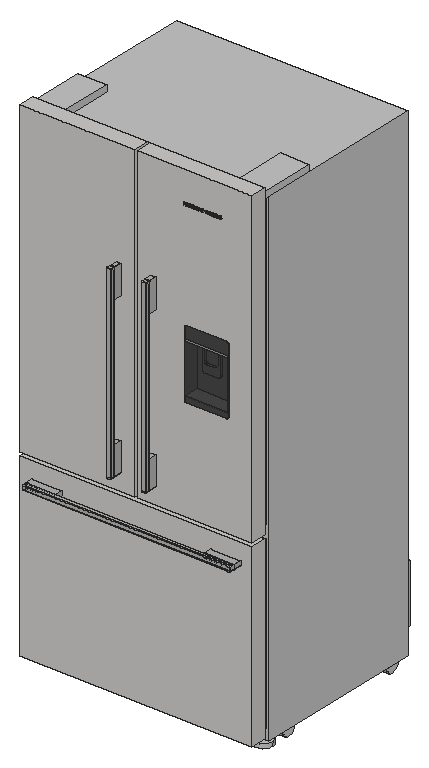
Revit family "FP-Revit18-RF522ADUSX5-Fridges", category Specialty Equipment, Revit 2018
Family settings
  Round Connector Dimension = Use Diameter
  Part Type = Normal
  OmniClass Number = 23.40.40.11.11.17
  OmniClass Title = Refrigerator-Freezer
  Work Plane-Based = No
  Always vertical = Yes
  Cut with Voids When Loaded = Yes
  Shared = No
  Room Calculation Point = No
Parameters (values of type "RF522ADUSX5")
  Visibility - Contemporary square handle = yes
  Visibility - Contemporary round handle = no
  Visibility - Clearance Required = yes
  URL = "www.fisherpaykel.com"
  Product - Width = 790 mm  # constant formula
  Product - Height = 1720 mm  # constant formula
  Product - Depth = 695 mm  # constant formula
  Model = "RF522ADUSX5"
  Material - Logo = Fisher & Paykel - Steel, Chrome Plated
  Material - Handle = Fisher & Paykel - Aluminium
  Material - Door Structure = Fisher & Paykel - White
  Material - Door Front = Fisher & Paykel - Stainless Steel
  Material - Body = Fisher & Paykel - Grey
  Manufacturer = "Fisher & Paykel Appliances"
  Description = "79cm Freestanding French Door Refrigerator Freezer, Ice and Water"
  Connector Description - Water = "Ø6mm (1/4”) quick connect, Max Supply Pressure 120psi (827kPa)"
  Connector Description - Electrical = "230 V, 50 Hz"
  Chassis - Width = 790 mm  # constant formula
  Chassis - Height = 1662 mm  # constant formula
  Chassis - Depth = 625 mm  # constant formula
  Cavity - Width = 830 mm  # constant formula
  Cavity - Height = 1735 mm  # constant formula
  Cavity - Depth = 695 mm  # constant formula
Reference planes
  plane 1 "Datum": y = 0
  plane 2: z = 0
  plane 3 "Center (Left/Right)": x = 0
  plane 4 "Product LHS": x = -395
  plane 5 "Product RHS": x = 395
  plane 6 "Product - Depth": y = 625
  plane 7 "Cavity LHS": x = -415
  plane 8 "Cavity RHS": x = 415
  plane 9 "Cavity - Depth": y = 625
  plane 10 "Cavity Height": z = 1735
  plane 11 "Product - Height": z = 1720
  plane 12 "Door Front": y = -70
Forms (mm)
  Extrusion 1, solid, material "Fisher & Paykel - Grey" <- "Material - Body"
    sketch origin (0, -1.89, -0.809) x (0, 1, 0) y (0, 0, 1)
      loop
        line (1.89, 24.809) -> (596.89, 24.809) -> (596.89, 1686.809) -> (1.89, 1686.809) -> (1.89, 24.809)
    from -395 to 395
  Extrusion 2, void
    sketch origin (-955, 0, 0) x (1, 0, 0) y (0, 0, 1)
      loop
        arc (1127.459, 1245.1) -> (1121.803, 1242.757) -> (1119.459, 1237.1) r 8
        line (1119.459, 1237.1) -> (1119.459, 1017.5)
        arc (1119.459, 1017.5) -> (1121.803, 1011.843) -> (1127.459, 1009.5) r 8
        line (1127.459, 1009.5) -> (1261.959, 1009.5)
        arc (1261.959, 1009.5) -> (1267.616, 1011.843) -> (1269.959, 1017.5) r 8
        line (1269.959, 1017.5) -> (1269.959, 1237.1)
        arc (1269.959, 1237.1) -> (1267.616, 1242.757) -> (1261.959, 1245.1) r 8
        line (1261.959, 1245.1) -> (1127.459, 1245.1)
    from 15 to 70.043
  Extrusion 3, solid, material "Fisher & Paykel - Clearance Required", visible <- "Visibility - Clearance Required", detail levels coarse
    sketch origin (0, 0, 0) x (0, 1, 0) y (0, 0, 1)
      loop
        line (-70, 647) -> (-446.043, 647) -> (-446.043, 592) -> (-487, 592) -> (-487, 576) -> (-446.043, 576) -> (-446.043, 37) -> (-70, 37) -> (-70, 647)
    from -415 to 415
  Extrusion 4, solid, material "Fisher & Paykel - White" <- "Material - Door Structure"
    sketch origin (0, 0, 0) x (1, 0, 0) y (0, 0, 1)
      loop
        line (-387, 639) -> (-387, 59) -> (387, 59) -> (387, 639) -> (-387, 639)
      loop
        line (-12, 682) -> (-12, 1680) -> (-387, 1680) -> (-387, 682) -> (-12, 682)
      loop
        line (12, 682) -> (387, 682) -> (387, 1680) -> (12, 1680) -> (12, 682)
    from 0 to 15
  Extrusion 5, solid, material "Fisher & Paykel - Stainless Steel" <- "Material - Door Front"
    sketch origin (0, 0, 0) x (1, 0, 0) y (0, 0, 1)
      loop
        line (-395, 660) -> (-4, 660) -> (-4, 1720) -> (-395, 1720) -> (-395, 660)
      loop
        line (4, 1720) -> (4, 660) -> (395, 660) -> (395, 1720) -> (4, 1720)
    from 15 to 70
  Extrusion 6, solid, material "Fisher & Paykel - Clearance Required", visible <- "Visibility - Clearance Required", detail levels coarse
    sketch origin (0, 0, 0) x (1, 0, 0) y (0, 1, 0)
      loop
        line (-415, 625) -> (-415, 0) -> (-529.999, 0) -> (-529.999, -70) -> (529.999, -70) -> (529.999, 0) -> (415, 0) -> (415, 625) -> (-415, 625)
    from 0 to 1735
  Extrusion 7, solid, material "Fisher & Paykel - Grey" <- "Material - Body", detail levels medium+fine
    sketch origin (0, 0, 0) x (1, 0, 0) y (0, 1, 0)
      loop
        line (-296.4, 174) -> (-393.4, 174) -> (-393.4, -15) -> (-296.4, -15) -> (-296.4, 174)
      loop
        line (296.4, 174) -> (296.4, -15) -> (393.4, -15) -> (393.4, 174) -> (296.4, 174)
    from 1686 to 1708
  Extrusion 8, solid, material "Fisher & Paykel - Grey" <- "Material - Body", detail levels medium+fine
    sketch origin (0, 0, 0) x (1, 0, 0) y (0, 1, 0)
      loop
        circle (364.5, 18.6) r 30
      loop
        circle (-364.5, 18.6) r 30
    from 0 to 14
  Extrusion 9, solid, material "Fisher & Paykel - Grey" <- "Material - Body", detail levels medium+fine
    sketch origin (0, 0, 0) x (1, 0, 0) y (0, 1, 0)
      loop
        circle (364.5, 18.6) r 4.9
      loop
        circle (-364.5, 18.6) r 4.9
    from 14 to 24
  Extrusion 10, solid, material "Fisher & Paykel - Grey" <- "Material - Body", detail levels medium+fine
    sketch origin (0, 0, 0) x (0, 1, 0) y (0, 0, 1)
      loop
        arc (63.5, 24) -> (87.5, 0) -> (111.5, 24) r 24
        line (111.5, 24) -> (63.5, 24)
      loop
        arc (505, 24) -> (529, 0) -> (553, 24) r 24
        line (553, 24) -> (505, 24)
    from -393.35 to -376.65
  Extrusion 11, solid, material "Fisher & Paykel - Grey" <- "Material - Body", detail levels medium+fine
    sketch origin (0, 0, 0) x (0, 1, 0) y (0, 0, -1)
      loop
        line (63.5, -24) -> (111.5, -24)
        arc (111.5, -24) -> (87.5, 0) -> (63.5, -24) r 24
      loop
        line (505, -24) -> (553, -24)
        arc (553, -24) -> (529, 0) -> (505, -24) r 24
    from -393.35 to -376.65
  Extrusion 12, solid, material "Fisher & Paykel - Grey" <- "Material - Body"
    sketch origin (0, 0, 0) x (0, 1, 0) y (0, 0, 1)
      loop
        line (595, 24) -> (625, 24) -> (625, 294) -> (595, 324) -> (595, 24)
    from -375 to 375
  Extrusion 13, void
    sketch origin (0, 0, 0) x (1, 0, 0) y (0, 0, 1)
      loop
        line (280, 94) -> (280, 24) -> (375, 24) -> (375, 94) -> (280, 94)
      loop
        circle (355, 69) r 5
      loop
        circle (295, 69) r 5
    from -625 to -595
  Extrusion 14, solid, material "Fisher & Paykel - Stainless Steel" <- "Material - Door Front"
    sketch origin (0, 0, 0) x (0, 1, 0) y (0, 0, 1)
      loop
        line (-15, 647) -> (-70, 647) -> (-70, 37) -> (-15, 37) -> (-15, 647)
    from -395 to 395
  Extrusion 15, solid, material "Fisher & Paykel - Clearance Required", visible <- "Visibility - Clearance Required", detail levels coarse
    sketch origin (0, 0, 0) x (1, 0, 0) y (0, 1, 0)
      loop
        line (-447.872, -70) -> (-636.214, -239.584) -> (-663.648, -209.115) -> (-675.522, -219.806) -> (-648.088, -250.275) -> (-687.146, -285.443)
        arc (-687.146, -285.443) -> (-276.673, -400.858) -> (-7.709, -70) r 388.337
        line (-7.709, -70) -> (-447.872, -70)
      loop
        line (447.872, -70) -> (7.709, -70)
        arc (7.709, -70) -> (276.673, -400.858) -> (687.146, -285.443) r 388.337
        line (687.146, -285.443) -> (648.088, -250.275) -> (675.522, -219.806) -> (663.648, -209.115) -> (636.214, -239.584) -> (447.872, -70)
    from 660 to 1735
  Extrusion 16, void
    sketch origin (0, 0, 0) x (1, 0, 0) y (0, 1, 0)
      loop
        line (-415, 625) -> (-415, 0) -> (-529.999, 0) -> (-529.999, -70) -> (529.999, -70) -> (529.999, 0) -> (415, 0) -> (415, 625) -> (-415, 625)
    from 0 to 1735
  Extrusion 17, solid, material "Fisher & Paykel - Steel, Chrome Plated" <- "Material - Logo", detail levels fine
    sketch origin (227, -70, 1612.221) x (1, 0, 0) y (0, 0, 1)
      loop
        line (-64.995, 0) -> (-62.949, 0) -> (-62.949, 2.779) -> (-59.752, 2.779) -> (-59.752, 4.514) -> (-62.949, 4.514) -> (-62.949, 6.125) -> (-59.47, 6.125) -> (-59.47, 7.852) -> (-64.995, 7.852) -> (-64.995, 0)
      loop
        line (-55.583, 7.852) -> (-55.583, 0) -> (-53.537, 0) -> (-53.537, 7.852) -> (-55.583, 7.852)
      loop
        line (-39.879, 7.852) -> (-39.879, 0) -> (-37.834, 0) -> (-37.834, 3.146) -> (-34.828, 3.146) -> (-34.828, 0) -> (-32.782, 0) -> (-32.782, 7.852) -> (-34.828, 7.852) -> (-34.828, 4.872) -> (-37.834, 4.872) -> (-37.834, 7.852) -> (-39.879, 7.852)
      loop
        line (-28.416, 7.852) -> (-28.416, 0) -> (-22.821, 0) -> (-22.821, 1.727) -> (-26.388, 1.727) -> (-26.388, 3.146) -> (-23.128, 3.146) -> (-23.128, 4.872) -> (-26.388, 4.872) -> (-26.388, 6.125) -> (-22.821, 6.125) -> (-22.821, 7.852) -> (-28.416, 7.852)
      loop
        line (59.429, 7.852) -> (59.429, 0) -> (65.005, 0) -> (65.005, 1.727) -> (61.476, 1.727) -> (61.476, 7.852) -> (59.429, 7.852)
      loop
        line (55.223, 7.852) -> (49.609, 7.852) -> (49.609, 0) -> (55.223, 0) -> (55.223, 1.727) -> (51.655, 1.727) -> (51.655, 3.146) -> (54.916, 3.146) -> (54.916, 4.872) -> (51.655, 4.872) -> (51.655, 6.125) -> (55.223, 6.125) -> (55.223, 7.852)
      loop
        line (43.548, 4.092) -> (46.45, 7.852) -> (44.059, 7.852) -> (41.552, 4.604) -> (41.552, 7.852) -> (39.507, 7.852) -> (39.507, 0) -> (41.552, 0) -> (41.552, 3.517) -> (44.136, 0) -> (46.554, 0) -> (43.548, 4.092)
      loop
        line (28.637, 7.852) -> (31.604, 3.146) -> (31.604, 0) -> (33.65, 0) -> (33.65, 3.043) -> (36.617, 7.852) -> (34.443, 7.852) -> (32.692, 4.819) -> (30.941, 7.852) -> (28.637, 7.852)
      loop
        line (24.085, 7.852) -> (22.141, 7.852) -> (18.943, 0) -> (20.952, 0) -> (21.514, 1.445) -> (24.66, 1.445) -> (25.223, 0) -> (27.282, 0) -> (24.085, 7.852)
      loop
        line (23.982, 3.171) -> (23.064, 5.426) -> (22.186, 3.171) -> (23.982, 3.171)
      loop
        line (10.503, 7.852) -> (10.503, 0) -> (12.55, 0) -> (12.55, 2.519) -> (13.842, 2.519)
        arc (13.842, 2.519) -> (16.508, 5.186) -> (13.842, 7.852) r 2.666
        line (13.842, 7.852) -> (10.503, 7.852)
      loop
        line (12.55, 6.125) -> (12.55, 4.156) -> (13.714, 4.156)
        arc (13.714, 4.156) -> (14.699, 5.141) -> (13.714, 6.125) r 0.985
        line (13.714, 6.125) -> (12.55, 6.125)
      loop
        line (-15.255, 7.852) -> (-18.614, 7.852) -> (-18.614, 0) -> (-16.568, 0) -> (-16.568, 2.052) -> (-15.768, 2.052) -> (-14.202, 0) -> (-11.836, 0) -> (-13.84, 2.565)
        arc (-13.84, 2.565) -> (-12.519, 5.752) -> (-15.255, 7.852) r 2.833
      loop
        line (-15.404, 6.125) -> (-16.568, 6.125) -> (-16.568, 3.969) -> (-15.404, 3.969)
        arc (-15.404, 3.969) -> (-14.326, 5.047) -> (-15.404, 6.125) r 1.078
      loop
        line (0.683, 6.125) -> (0.683, 7.999) -> (-4.586, 7.999) -> (-4.586, 6.306) -> (-3.804, 5.345)
        arc (-3.804, 5.345) -> (-4.501, 0.889) -> (0.004, 0.665) r 3.034
        line (0.004, 0.665) -> (0.546, 0) -> (2.867, 0) -> (1.181, 2.072) -> (2.704, 4.268) -> (0.602, 4.268) -> (0.046, 3.467) -> (-2.117, 6.125) -> (0.683, 6.125)
      loop
        arc (-2.7, 3.989) -> (-2.887, 2.168) -> (-1.066, 1.981) r 1.294
        line (-1.066, 1.981) -> (-2.7, 3.989)
      loop
        line (-45.672, 4.724) -> (-47.408, 5.084)
        arc (-47.408, 5.084) -> (-48.101, 5.776) -> (-47.408, 6.469) r 0.693
        arc (-47.408, 6.469) -> (-45.742, 6.227) -> (-44.214, 5.522) r 5.856
        line (-44.214, 5.522) -> (-44.214, 7.466)
        arc (-44.214, 7.466) -> (-46.152, 8.033) -> (-48.168, 7.942) r 6.144
        arc (-48.168, 7.942) -> (-50.034, 5.635) -> (-48.168, 3.329) r 2.358
        line (-48.168, 3.329) -> (-46.418, 2.967)
        arc (-46.418, 2.967) -> (-45.725, 2.274) -> (-46.418, 1.581) r 0.693
        arc (-46.418, 1.581) -> (-48.083, 1.823) -> (-49.611, 2.528) r 5.856
        line (-49.611, 2.528) -> (-49.611, 0.584)
        arc (-49.611, 0.584) -> (-47.674, 0.017) -> (-45.658, 0.108) r 6.144
        arc (-45.658, 0.108) -> (-43.791, 2.422) -> (-45.672, 4.724) r 2.358
    from 0 to 0.8
Cuts and joins
  Extrusion 2 cuts Extrusion 5
  Extrusion 13 cuts Extrusion 1
  Extrusion 13 cuts Extrusion 12
Text (mm)
  text "Due to ongoing product development, product details are subject to change without notice. \nPlease always refer to www.fisherpaykel.com for the most current product information. \n© Fisher & Paykel 2020" at (41.04, -527.568, 0), in view "Ref. Level (Plan)"
Dimensions and locks
  equal spacing: plane 4 "Product LHS", plane 3 "Center (Left/Right)", plane 5 "Product RHS"
  "Product - Width": plane 4 "Product LHS" to plane 5 "Product RHS"
  equal spacing: plane 7 "Cavity LHS", plane 3 "Center (Left/Right)", plane 8 "Cavity RHS"
  "Cavity - Width": plane 7 "Cavity LHS" to plane 8 "Cavity RHS"
  "Cavity - Height": plane 10 "Cavity Height" to level
  Extrusion 2 sketch curve to plane 3 "Center (Left/Right)" = 314.959 mm
  Extrusion 2 sketch curve to Extrusion 2 sketch curve = 235.6 mm
  Extrusion 2 sketch curve to level = 1009.5 mm
  Extrusion 2 sketch curve to Extrusion 2 sketch curve = 150.5 mm
  "Product - Height": level to plane 11 "Product - Height"
  plane 7 "Cavity LHS" to plane 4 "Product LHS" = 20 mm  (x2)
  plane 5 "Product RHS" to plane 8 "Cavity RHS" = 20 mm
  Extrusion 6 to plane 4 "Product LHS" = 134.999 mm
  plane 5 "Product RHS" to Extrusion 6 = 134.999 mm
  "Cavity - Depth": plane 12 "Door Front" to plane 9 "Cavity - Depth"
  plane 12 "Door Front" to plane 1 "Datum" = 70 mm
  "Chassis - Depth": plane 6 "Product - Depth" to plane 1 "Datum"
  "Product - Depth": plane 6 "Product - Depth" to plane 12 "Door Front"
  "Chassis - Height": cut or joined group of Extrusion 1, Extrusion 13 to cut or joined group of Extrusion 1, Extrusion 13
  locked: plane 9 "Cavity - Depth" to cut or joined group of Extrusion 1, Extrusion 13 at 30
  Extrusion 3 to plane 12 "Door Front" = 376.043 mm
  aligned and locked: level to plane 2
  aligned and locked: plane 4 "Product LHS" to Extrusion 1
  aligned and locked: Extrusion 1 to plane 5 "Product RHS"
  aligned and locked: Extrusion 8 to level
  aligned and locked: Extrusion 13 to Extrusion 12
  aligned and locked: plane 9 "Cavity - Depth" to Extrusion 6
  aligned and locked: plane 6 "Product - Depth" to Extrusion 13
  aligned and locked: plane 12 "Door Front" to Extrusion 6 sketch curve
  aligned and locked: Extrusion 6 sketch curve to plane 1 "Datum"
  aligned and locked: plane 12 "Door Front" to Extrusion 14 sketch curve
  aligned and locked: Extrusion 14 to plane 5 "Product RHS"
  aligned and locked: plane 4 "Product LHS" to Extrusion 14
  aligned and locked: Extrusion 15 to cut or joined group of Extrusion 2, Extrusion 5
  aligned and locked: Extrusion 6 to Extrusion 15
  aligned and locked: Extrusion 5 sketch curve to Extrusion 5 sketch curve
  aligned and locked: Extrusion 6 to plane 10 "Cavity Height"
  aligned and locked: plane 7 "Cavity LHS" to Extrusion 3
  aligned and locked: Extrusion 3 to plane 8 "Cavity RHS"
  aligned and locked: Extrusion 16 to plane 10 "Cavity Height"
  aligned and locked: Extrusion 16 to cut or joined group of Extrusion 2, Extrusion 5
  aligned and locked: Extrusion 3 to Extrusion 16
  aligned and locked: Extrusion 14 to Extrusion 3
Automatic sketch dimensions
  Extrusion 1 sketch curve to plane 1 "Datum" = 0 mm
  Extrusion 1 sketch curve to plane 6 "Product - Depth" = 30 mm
  level to Extrusion 1 sketch curve = 24 mm
  plane 11 "Product - Height" to Extrusion 1 sketch curve = 34 mm
  Extrusion 2 sketch curve to Extrusion 2 sketch curve = 8 mm  (x4)
  plane 12 "Door Front" to Extrusion 3 sketch curve = 417 mm
  Extrusion 3 sketch curve to Extrusion 3 sketch curve = 40.957 mm
  Extrusion 3 sketch curve to Extrusion 3 sketch curve = 0 mm
  plane 12 "Door Front" to Extrusion 3 sketch curve = 0 mm
  level to Extrusion 3 sketch curve = 37 mm
  Extrusion 3 sketch curve to Extrusion 3 sketch curve = 539 mm
  Extrusion 3 sketch curve to Extrusion 3 sketch curve = 16 mm
  Extrusion 3 sketch curve to Extrusion 3 sketch curve = 55 mm
  Extrusion 4 sketch curve to plane 4 "Product LHS" = 8 mm  (x2)
  Extrusion 4 sketch curve to plane 3 "Center (Left/Right)" = 12 mm
  plane 3 "Center (Left/Right)" to Extrusion 4 sketch curve = 12 mm
  plane 5 "Product RHS" to Extrusion 4 sketch curve = 8 mm  (x2)
  level to Extrusion 4 sketch curve = 59 mm
  Extrusion 4 sketch curve to Extrusion 4 sketch curve = 580 mm
  Extrusion 4 sketch curve to Extrusion 4 sketch curve = 43 mm
  Extrusion 4 sketch curve to Extrusion 4 sketch curve = 0 mm  (x2)
  plane 11 "Product - Height" to Extrusion 4 sketch curve = 40 mm
  plane 4 "Product LHS" to Extrusion 5 sketch curve = 0 mm
  plane 5 "Product RHS" to Extrusion 5 sketch curve = 0 mm
  Extrusion 5 sketch curve to plane 11 "Product - Height" = 0 mm
  Extrusion 5 sketch curve to plane 3 "Center (Left/Right)" = 4 mm
  plane 3 "Center (Left/Right)" to Extrusion 5 sketch curve = 4 mm
  level to Extrusion 5 sketch curve = 660 mm
  Extrusion 5 sketch curve to Extrusion 5 sketch curve = 0 mm
  Extrusion 6 sketch curve to plane 6 "Product - Depth" = 0 mm
  Extrusion 6 sketch curve to plane 7 "Cavity LHS" = 0 mm
  Extrusion 6 sketch curve to plane 8 "Cavity RHS" = 0 mm
  plane 1 "Datum" to Extrusion 6 sketch curve = 0 mm
  Extrusion 6 sketch curve to Extrusion 6 sketch curve = 114.999 mm  (x2)
  Extrusion 7 sketch curve to plane 4 "Product LHS" = 1.6 mm
  plane 1 "Datum" to Extrusion 7 sketch curve = 15 mm  (x2)
  Extrusion 7 sketch curve to Extrusion 7 sketch curve = 97 mm
  plane 5 "Product RHS" to Extrusion 7 sketch curve = 98.6 mm
  plane 5 "Product RHS" to Extrusion 7 sketch curve = 1.6 mm
  Extrusion 7 sketch curve to plane 1 "Datum" = 174 mm  (x2)
  Extrusion 8 sketch curve to plane 4 "Product LHS" = 30.5 mm
  plane 5 "Product RHS" to Extrusion 8 sketch curve = 30.5 mm
  Extrusion 8 sketch curve to plane 1 "Datum" = 18.6 mm  (x2)
  Extrusion 9 sketch curve to plane 4 "Product LHS" = 30.5 mm
  plane 5 "Product RHS" to Extrusion 9 sketch curve = 30.5 mm
  Extrusion 9 sketch curve to plane 1 "Datum" = 18.6 mm  (x2)
  Extrusion 10 sketch curve to plane 1 "Datum" = 63.5 mm
  Extrusion 10 sketch curve to Extrusion 10 sketch curve = 24 mm  (x2)
  level to Extrusion 10 sketch curve = 24 mm  (x2)
  Extrusion 10 sketch curve to plane 6 "Product - Depth" = 120 mm
  Extrusion 11 sketch curve to plane 1 "Datum" = 63.5 mm
  Extrusion 11 sketch curve to Extrusion 11 sketch curve = 24 mm  (x2)
  level to Extrusion 11 sketch curve = 24 mm  (x2)
  Extrusion 11 sketch curve to plane 6 "Product - Depth" = 120 mm
  Extrusion 12 sketch curve to plane 6 "Product - Depth" = 0 mm
  Extrusion 12 sketch curve to plane 6 "Product - Depth" = 30 mm
  level to Extrusion 12 sketch curve = 24 mm
  Extrusion 12 sketch curve to Extrusion 12 sketch curve = 270 mm
  Extrusion 12 sketch curve to Extrusion 12 sketch curve = 30 mm
  plane 5 "Product RHS" to Extrusion 13 sketch curve = 115 mm
  Extrusion 13 sketch curve to Extrusion 13 sketch curve = 15 mm
  plane 5 "Product RHS" to Extrusion 13 sketch curve = 40 mm
  plane 5 "Product RHS" to Extrusion 13 sketch curve = 20 mm
  level to Extrusion 13 sketch curve = 24 mm
  Extrusion 13 sketch curve to Extrusion 13 sketch curve = 45 mm  (x2)
  Extrusion 13 sketch curve to Extrusion 13 sketch curve = 25 mm
  plane 1 "Datum" to Extrusion 14 sketch curve = 15 mm
  level to Extrusion 14 sketch curve = 37 mm
  Extrusion 14 sketch curve to Extrusion 14 sketch curve = 610 mm
  plane 12 "Door Front" to Extrusion 15 sketch curve = 0 mm  (x2)
  plane 7 "Cavity LHS" to Extrusion 15 sketch curve = 272.146 mm
  Extrusion 15 sketch curve to Extrusion 15 sketch curve = 11.623 mm
  plane 12 "Door Front" to Extrusion 15 sketch curve = 139.115 mm  (x2)
  Extrusion 15 sketch curve to Extrusion 15 sketch curve = 11.874 mm  (x2)
  plane 12 "Door Front" to Extrusion 15 sketch curve = 180.275 mm
  Extrusion 15 sketch curve to Extrusion 15 sketch curve = 27.434 mm
  plane 1 "Datum" to Extrusion 15 sketch curve = 239.584 mm
  Extrusion 15 sketch curve to plane 4 "Product LHS" = 0.949 mm
  Extrusion 15 sketch curve to plane 3 "Center (Left/Right)" = 7.709 mm
  plane 3 "Center (Left/Right)" to Extrusion 15 sketch curve = 7.709 mm
  plane 5 "Product RHS" to Extrusion 15 sketch curve = 0.949 mm
  Extrusion 15 sketch curve to plane 8 "Cavity RHS" = 32.872 mm
  plane 12 "Door Front" to Extrusion 15 sketch curve = 169.584 mm
  Extrusion 15 sketch curve to plane 8 "Cavity RHS" = 221.214 mm
  plane 12 "Door Front" to Extrusion 15 sketch curve = 149.806 mm
  plane 1 "Datum" to Extrusion 15 sketch curve = 285.443 mm
  plane 1 "Datum" to Extrusion 16 sketch curve = 0 mm  (x2)
  plane 12 "Door Front" to Extrusion 16 sketch curve = 0 mm
  Extrusion 16 sketch curve to plane 6 "Product - Depth" = 0 mm
  Extrusion 16 sketch curve to plane 7 "Cavity LHS" = 0 mm
  Extrusion 16 sketch curve to plane 8 "Cavity RHS" = 0 mm
  Extrusion 16 sketch curve to Extrusion 16 sketch curve = 114.999 mm  (x2)
  plane 10 "Cavity Height" to Extrusion 17 sketch curve = 122.779 mm  (x4)
  plane 8 "Cavity RHS" to Extrusion 17 sketch curve = 252.995 mm
  Extrusion 17 sketch curve to Extrusion 17 sketch curve = 2.046 mm  (x13)
  Extrusion 17 sketch curve to Extrusion 17 sketch curve = 3.197 mm
  Extrusion 17 sketch curve to Extrusion 17 sketch curve = 0.281 mm
  Extrusion 17 sketch curve to Extrusion 17 sketch curve = 4.169 mm
  Extrusion 17 sketch curve to Extrusion 17 sketch curve = 3.926 mm
  plane 10 "Cavity Height" to Extrusion 17 sketch curve = 119.45 mm
  Extrusion 17 sketch curve to Extrusion 17 sketch curve = 1.443 mm
  Extrusion 17 sketch curve to Extrusion 17 sketch curve = 0.492 mm
  Extrusion 17 sketch curve to Extrusion 17 sketch curve = 0.268 mm  (x2)
  Extrusion 17 sketch curve to Extrusion 17 sketch curve = 0.468 mm  (x2)
  Extrusion 17 sketch curve to Extrusion 17 sketch curve = 0.522 mm
  plane 10 "Cavity Height" to Extrusion 17 sketch curve = 119.813 mm
  Extrusion 17 sketch curve to Extrusion 17 sketch curve = 0 mm  (x13)
  plane 10 "Cavity Height" to Extrusion 17 sketch curve = 118.055 mm
  Extrusion 17 sketch curve to Extrusion 17 sketch curve = 1.736 mm
  Extrusion 17 sketch curve to Extrusion 17 sketch curve = 2.203 mm
  Extrusion 17 sketch curve to Extrusion 17 sketch curve = 4.335 mm
  Extrusion 17 sketch curve to Extrusion 17 sketch curve = 3.005 mm
  Extrusion 17 sketch curve to Extrusion 17 sketch curve = 4.367 mm
  Extrusion 17 sketch curve to Extrusion 17 sketch curve = 2.027 mm  (x2)
  Extrusion 17 sketch curve to Extrusion 17 sketch curve = 3.261 mm  (x2)
  Extrusion 17 sketch curve to Extrusion 17 sketch curve = 0.307 mm  (x4)
  Extrusion 17 sketch curve to Extrusion 17 sketch curve = 4.207 mm
  plane 10 "Cavity Height" to Extrusion 17 sketch curve = 120.727 mm
  Extrusion 17 sketch curve to Extrusion 17 sketch curve = 0.8 mm
  Extrusion 17 sketch curve to Extrusion 17 sketch curve = 1.164 mm  (x2)
  Extrusion 17 sketch curve to Extrusion 17 sketch curve = 0.149 mm
  Extrusion 17 sketch curve to Extrusion 17 sketch curve = 2.366 mm  (x2)
  plane 10 "Cavity Height" to Extrusion 17 sketch curve = 120.214 mm
  Extrusion 17 sketch curve to Extrusion 17 sketch curve = 1.928 mm
  Extrusion 17 sketch curve to Extrusion 17 sketch curve = 10.67 mm
  plane 10 "Cavity Height" to Extrusion 17 sketch curve = 117.434 mm
  Extrusion 17 sketch curve to Extrusion 17 sketch curve = 0.782 mm
  plane 10 "Cavity Height" to Extrusion 17 sketch curve = 118.79 mm
  Extrusion 17 sketch curve to Extrusion 17 sketch curve = 1.103 mm
  Extrusion 17 sketch curve to Extrusion 17 sketch curve = 0.553 mm
  Extrusion 17 sketch curve to Extrusion 17 sketch curve = 1.686 mm
  Extrusion 17 sketch curve to Extrusion 17 sketch curve = 0.264 mm
  plane 10 "Cavity Height" to Extrusion 17 sketch curve = 120.798 mm
  Extrusion 17 sketch curve to Extrusion 17 sketch curve = 0.817 mm
  plane 10 "Cavity Height" to Extrusion 17 sketch curve = 122.114 mm
  Extrusion 17 sketch curve to Extrusion 17 sketch curve = 1.071 mm
  plane 10 "Cavity Height" to Extrusion 17 sketch curve = 119.312 mm
  Extrusion 17 sketch curve to Extrusion 17 sketch curve = 1.112 mm
  Extrusion 17 sketch curve to Extrusion 17 sketch curve = 0.541 mm
  plane 10 "Cavity Height" to Extrusion 17 sketch curve = 118.511 mm
  Extrusion 17 sketch curve to Extrusion 17 sketch curve = 0.556 mm
  Extrusion 17 sketch curve to Extrusion 17 sketch curve = 2.801 mm
  plane 10 "Cavity Height" to Extrusion 17 sketch curve = 120.707 mm
  Extrusion 17 sketch curve to Extrusion 17 sketch curve = 1.135 mm
  Extrusion 17 sketch curve to Extrusion 17 sketch curve = 2.103 mm
  Extrusion 17 sketch curve to Extrusion 17 sketch curve = 2.321 mm
  Extrusion 17 sketch curve to Extrusion 17 sketch curve = 7.636 mm
  Extrusion 17 sketch curve to Extrusion 17 sketch curve = 0.128 mm
  Extrusion 17 sketch curve to Extrusion 17 sketch curve = 5.102 mm
  Extrusion 17 sketch curve to Extrusion 17 sketch curve = 2.008 mm
  plane 10 "Cavity Height" to Extrusion 17 sketch curve = 121.334 mm
  Extrusion 17 sketch curve to Extrusion 17 sketch curve = 0.563 mm  (x2)
  plane 10 "Cavity Height" to Extrusion 17 sketch curve = 114.927 mm  (x4)
  Extrusion 17 sketch curve to Extrusion 17 sketch curve = 0.627 mm
  Extrusion 17 sketch curve to Extrusion 17 sketch curve = 0.672 mm
  plane 10 "Cavity Height" to Extrusion 17 sketch curve = 117.353 mm
  Extrusion 17 sketch curve to Extrusion 17 sketch curve = 0.878 mm
  plane 10 "Cavity Height" to Extrusion 17 sketch curve = 119.608 mm
  Extrusion 17 sketch curve to Extrusion 17 sketch curve = 1.796 mm
  Extrusion 17 sketch curve to Extrusion 17 sketch curve = 1.944 mm  (x2)
  Extrusion 17 sketch curve to Extrusion 17 sketch curve = 0.678 mm
  Extrusion 17 sketch curve to Extrusion 17 sketch curve = 2.059 mm
  Extrusion 17 sketch curve to Extrusion 17 sketch curve = 4.552 mm
  Extrusion 17 sketch curve to Extrusion 17 sketch curve = 2.304 mm
  plane 10 "Cavity Height" to Extrusion 17 sketch curve = 119.633 mm
  Extrusion 17 sketch curve to Extrusion 17 sketch curve = 0.663 mm
  plane 10 "Cavity Height" to Extrusion 17 sketch curve = 117.96 mm
  Extrusion 17 sketch curve to Extrusion 17 sketch curve = 1.088 mm
  plane 10 "Cavity Height" to Extrusion 17 sketch curve = 119.736 mm
  Extrusion 17 sketch curve to Extrusion 17 sketch curve = 0.958 mm
  Extrusion 17 sketch curve to Extrusion 17 sketch curve = 3.502 mm
  Extrusion 17 sketch curve to Extrusion 17 sketch curve = 2.174 mm
  Extrusion 17 sketch curve to Extrusion 17 sketch curve = 5.857 mm
  plane 10 "Cavity Height" to Extrusion 17 sketch curve = 118.687 mm
  Extrusion 17 sketch curve to Extrusion 17 sketch curve = 1.996 mm
  Extrusion 17 sketch curve to Extrusion 17 sketch curve = 2.507 mm
  Extrusion 17 sketch curve to Extrusion 17 sketch curve = 2.583 mm
  Extrusion 17 sketch curve to Extrusion 17 sketch curve = 2.391 mm
  Extrusion 17 sketch curve to Extrusion 17 sketch curve = 2.418 mm
  Extrusion 17 sketch curve to Extrusion 17 sketch curve = 3.158 mm
  Extrusion 17 sketch curve to Extrusion 17 sketch curve = 4.206 mm
  Extrusion 17 sketch curve to Extrusion 17 sketch curve = 3.53 mm
  Extrusion 17 sketch curve to Extrusion 17 sketch curve = 2.072 mm
  Extrusion 17 sketch curve to Extrusion 17 sketch curve = 2.967 mm
  Extrusion 17 sketch curve to Extrusion 17 sketch curve = 2.052 mm
  Extrusion 17 sketch curve to Extrusion 17 sketch curve = 1.445 mm  (x2)
  Extrusion 17 sketch curve to Extrusion 17 sketch curve = 3.146 mm  (x2)
  Extrusion 17 sketch curve to Extrusion 17 sketch curve = 2.745 mm
  Extrusion 17 sketch curve to Extrusion 17 sketch curve = 0.029 mm
  Extrusion 17 sketch curve to Extrusion 17 sketch curve = 1.727 mm  (x3)
  Extrusion 17 sketch curve to Extrusion 17 sketch curve = 1.033 mm
  Extrusion 17 sketch curve to Extrusion 17 sketch curve = 0.341 mm  (x2)
  Extrusion 17 sketch curve to Extrusion 17 sketch curve = 0.141 mm  (x2)
  Extrusion 17 sketch curve to Extrusion 17 sketch curve = 2.519 mm
  Extrusion 17 sketch curve to Extrusion 17 sketch curve = 0.801 mm
  Extrusion 17 sketch curve to Extrusion 17 sketch curve = 2.779 mm
  Extrusion 17 sketch curve to Extrusion 17 sketch curve = 1.419 mm  (x2)
  Extrusion 17 sketch curve to Extrusion 17 sketch curve = 0.575 mm
  Extrusion 17 sketch curve to Extrusion 17 sketch curve = 1.917 mm
  Extrusion 17 sketch curve to Extrusion 17 sketch curve = 1.637 mm
  Extrusion 17 sketch curve to Extrusion 17 sketch curve = 1.735 mm
  Extrusion 17 sketch curve to Extrusion 17 sketch curve = 1.087 mm
  Extrusion 17 sketch curve to Extrusion 17 sketch curve = 1.726 mm  (x6)
  Extrusion 17 sketch curve to Extrusion 17 sketch curve = 1.05 mm
  Extrusion 17 sketch curve to Extrusion 17 sketch curve = 0.028 mm
  Extrusion 17 sketch curve to Extrusion 17 sketch curve = 0.359 mm
  Extrusion 17 sketch curve to Extrusion 17 sketch curve = 0.985 mm
  Extrusion 17 sketch curve to Extrusion 17 sketch curve = 0.045 mm
  Extrusion 17 sketch curve to Extrusion 17 sketch curve = 0.798 mm
  Extrusion 17 sketch curve to Extrusion 17 sketch curve = 0.552 mm
  Extrusion 17 sketch curve to Extrusion 17 sketch curve = 1.858 mm
  Extrusion 17 sketch curve to Extrusion 17 sketch curve = 1.253 mm  (x2)
  Extrusion 17 sketch curve to Extrusion 17 sketch curve = 1.611 mm
  Extrusion 17 sketch curve to Extrusion 17 sketch curve = 0.961 mm
  Extrusion 17 sketch curve to Extrusion 17 sketch curve = 0.968 mm
  Extrusion 17 sketch curve to Extrusion 17 sketch curve = 2.98 mm  (x2)
  Extrusion 17 sketch curve to Extrusion 17 sketch curve = 1.873 mm
  radius of Extrusion 8 sketch curve = 30 mm  (x2)
  radius of Extrusion 9 sketch curve = 4.9 mm  (x2)
  radius of Extrusion 13 sketch curve = 5 mm  (x2)
Nested families
  nested 1: "F&P Water Dispenser" at (239.709, -70, 1009.5), type "F&P Water Dispenser"
  nested 2: "F&P Handle Contemporary Square - Horizontal" at (0, -70, 584.022), visible <- "Visibility - Contemporary square handle", type "Contemporary square handle"
  nested 3: "F&P Handle Contemporary Square - Vertical" at (60, -70, 1036), visible <- "Visibility - Contemporary square handle", type "Contemporary square handle"
  nested 4: "F&P Handle Contemporary Square - Vertical" at (-60, -70, 1036), visible <- "Visibility - Contemporary square handle", type "Contemporary square handle"
  nested 5: "F&P Handle Kit - Contemporary Round - Horizontal" at (0, -70, 584.026), visible <- "Visibility - Contemporary round handle", type "25334 AHS-RF-522A - Contemporary round handle (2 of 2) (Horizontal) 710mm"
  nested 6: "F&P Handle Kit - Contemporary Round - Vertical" at (-60, -70, 1036), visible <- "Visibility - Contemporary round handle", type "25334 AHS-RF-522A - Contemporary round handle (1 of 2) (Vertical) 642mm"
  nested 7: "F&P Handle Kit - Contemporary Round - Vertical" at (60, -70, 1036), visible <- "Visibility - Contemporary round handle", type "25334 AHS-RF-522A - Contemporary round handle (1 of 2) (Vertical) 642mm"
Connectors
  electrical at (355, 625, 69), driven by "Connector Description - Electrical"
    settings: on cut or joined group of Extrusion 12, Extrusion 13, index 1, voltage 230 V, apparent load 0 VA, apparent load phase1 0 VA, apparent load phase2 0 VA, apparent load phase3 0 VA, power factor 1, load classification "Other", number of poles 1, system type 30, power factor state 1, is connector primary yes, connector utility no, sub classification motor no, connector description "230 V, 50 Hz"
  piping at (255, 625, 69), diameter 6, driven by "Connector Description - Water"
    settings: on cut or joined group of Extrusion 12, Extrusion 13, index 2, connector inside diameter 609.6 mm, connector length 0 mm, flow factor 0, pipe flow 0.0 L/s, pressure drop 0.0 Pa, fitting loss kfactor 0, connector angle 0.00°, fixture units 0, engagement length 0 mm, angle of deflection 0.00°, flow configuration 0, flow direction 1, fitting loss method 0, system type 20, joint type 0, gender type 0, connector reference index -1, connector utility 0, adjustable connector no, is connector primary yes, connector description "Ø6mm (1/4”) quick connect, Max Supply Pressure 120psi (827kPa)"
Definition of nested family "F&P Water Dispenser"
  Parameters (values of type "F&P Water Dispenser")
    URL = "www.fisherpaykel.com"
    Material - Trim = none
    Material - Body = none
    Manufacturer = "Fisher & Paykel Appliances"
    Connector Description - Water = ""
    Connector Description - Electrical = ""
  Reference planes
    plane 1 "Center (Front/Back)": y = 0
    plane 2: z = 0
    plane 3 "Center (Left/Right)": x = 0
  Forms (mm)
    Extrusion 1, solid, material <- "Material - Body"
      sketch origin (0, 0, 0) x (1, 0, 0) y (0, 0, 1)
        loop
          arc (-67.25, 235.6) -> (-72.907, 233.257) -> (-75.25, 227.6) r 8
          line (-75.25, 227.6) -> (-75.25, 8)
          arc (-75.25, 8) -> (-72.907, 2.343) -> (-67.25, 0) r 8
          line (-67.25, 0) -> (67.25, 0)
          arc (67.25, 0) -> (72.907, 2.343) -> (75.25, 8) r 8
          line (75.25, 8) -> (75.25, 227.609)
          arc (75.25, 227.609) -> (72.909, 233.259) -> (67.259, 235.6) r 7.991
          line (67.259, 235.6) -> (-67.25, 235.6)
        loop
          line (-74.25, 192.6) -> (-74.25, 20) -> (74.25, 20) -> (74.25, 192.6) -> (-74.25, 192.6)
      from -55 to 0
    Extrusion 2, solid, material <- "Material - Trim", detail levels fine
      sketch origin (0, 0, 0) x (1, 0, 0) y (0, 0, 1)
        loop
          line (-74.25, 192.6) -> (-74.25, 187.1) -> (74.25, 187.1) -> (74.25, 192.6) -> (-74.25, 192.6)
      from -55 to 0
    Extrusion 3, solid, material <- "Material - Body"
      sketch origin (0, 0, 0) x (1, 0, 0) y (0, 0, 1)
        loop
          line (-74.25, 187.1) -> (-74.25, 20) -> (74.25, 20) -> (74.25, 187.1) -> (-74.25, 187.1)
      from -55 to -50
    Extrusion 4, solid, material <- "Material - Body", detail levels fine
      sketch origin (0, 0, 0) x (1, 0, 0) y (0, 0, 1)
        loop
          line (-30, 187.1) -> (-30, 105.1)
          arc (-30, 105.1) -> (-27.657, 99.443) -> (-22, 97.1) r 8
          line (-22, 97.1) -> (22, 97.1)
          arc (22, 97.1) -> (27.657, 99.443) -> (30, 105.1) r 8
          line (30, 105.1) -> (30, 187.1) -> (23.5, 187.1) -> (23.5, 134.1)
          arc (23.5, 134.1) -> (21.157, 128.443) -> (15.5, 126.1) r 8
          line (15.5, 126.1) -> (-15.5, 126.1)
          arc (-15.5, 126.1) -> (-21.157, 128.443) -> (-23.5, 134.1) r 8
          line (-23.5, 134.1) -> (-23.5, 187.1) -> (-30, 187.1)
      from -27.6 to -21.6
    Extrusion 5, solid, material <- "Material - Body", detail levels fine
      sketch origin (0, 0, 0) x (1, 0, 0) y (0, 1, 0)
        loop
          circle (0, 24.6) r 7.5
      from 179.1 to 187.1
  Dimensions and locks
    aligned and locked: level to plane 2
Definition of nested family "F&P Handle Contemporary Square - Horizontal"
  Parameters (values of type "Contemporary square handle")
    URL = "www.fisherpaykel.com"
    Material - Handle = none
    Manufacturer = "Fisher & Paykel Appliances"
    Handle - Standoff Length = 100 mm
    Handle - Length = 710 mm
  Reference planes
    plane 1 "Center (Front/Back)": y = 0
    plane 2: z = 0
    plane 3 "Center (Left/Right)": x = 0
    plane 4 "Product LHS": x = -355
    plane 5 "Product RHS": x = 355
    plane 6 "LHS Standoff": x = -255
    plane 7 "RHS Standoff": x = 255
  Forms (mm)
    Extrusion 1, solid, material <- "Material - Handle", detail levels fine
      sketch origin (0, 0, 0) x (0, 1, 0) y (0, 0, 1)
        loop
          arc (-28.701, 7.561) -> (-29.057, 7.868) -> (-29.514, 7.978) r 1
          line (-29.514, 7.978) -> (-40.5, 7.978)
          arc (-40.5, 7.978) -> (-41.561, 7.539) -> (-42, 6.478) r 1.5
          line (-42, 6.478) -> (-42, -6.522)
          arc (-42, -6.522) -> (-41.561, -7.583) -> (-40.5, -8.022) r 1.5
          line (-40.5, -8.022) -> (-29.487, -8.022)
          arc (-29.487, -8.022) -> (-29.029, -7.911) -> (-28.673, -7.602) r 1
          arc (-28.673, -7.602) -> (-26.256, -0.016) -> (-28.701, 7.561) r 13.038
      from -355 to 355
    Extrusion 2, solid, material <- "Material - Handle", detail levels fine
      sketch origin (0, 0, 0) x (0, 1, 0) y (0, 0, 1)
        loop
          arc (-28.23, 7.062) -> (-26.156, 0.008) -> (-28.198, -7.056) r 13.136
          arc (-28.198, -7.056) -> (-28.21, -7.463) -> (-27.86, -7.67) r 0.4
          line (-27.86, -7.67) -> (0, -7.67) -> (0, 7.678) -> (-27.893, 7.678)
          arc (-27.893, 7.678) -> (-28.244, 7.47) -> (-28.23, 7.062) r 0.4
      from 255 to 355
    Extrusion 3, solid, material <- "Material - Handle", detail levels fine
      sketch origin (0, 0, 0) x (0, 1, 0) y (0, 0, -1)
        loop
          arc (-28.23, -7.062) -> (-28.244, -7.47) -> (-27.893, -7.678) r 0.4
          line (-27.893, -7.678) -> (0, -7.678) -> (0, 7.67) -> (-27.86, 7.67)
          arc (-27.86, 7.67) -> (-28.21, 7.463) -> (-28.198, 7.056) r 0.4
          arc (-28.198, 7.056) -> (-26.156, -0.008) -> (-28.23, -7.062) r 13.136
      from 255 to 355
    Sweep 4, void
      path in 3D
        loop
          line (355, -29.514, 7.978) -> (355, -40.5, 7.978)
          arc (355, -40.5, 7.978) -> (355, -41.561, 7.539) -> (355, -42, 6.478) r 1.5
          line (355, -42, 6.478) -> (355, -42, -6.522)
          arc (355, -42, -6.522) -> (355, -41.561, -7.583) -> (355, -40.5, -8.022) r 1.5
          line (355, -40.5, -8.022) -> (355, -29.487, -8.022)
      profile origin (355, -35.007, 7.978) x (1, 0, 0) y (0, 0, 1)
        loop
          line (0, 0) -> (-1.3, 0) -> (0, -1.3) -> (0, 0)
    Sweep 5, void
      path in 3D
        loop
          line (-355, -29.487, -8.022) -> (-355, -40.5, -8.022)
          arc (-355, -40.5, -8.022) -> (-355, -41.561, -7.583) -> (-355, -42, -6.522) r 1.5
          line (-355, -42, -6.522) -> (-355, -42, 6.478)
          arc (-355, -42, 6.478) -> (-355, -41.561, 7.539) -> (-355, -40.5, 7.978) r 1.5
          line (-355, -40.5, 7.978) -> (-355, -29.514, 7.978)
      profile origin (-355, -35.007, 7.978) x (-1, 0, 0) y (0, 0, 1)
        loop
          line (0, 0) -> (-1.3, 0) -> (0, -1.3) -> (0, 0)
    Extrusion 6, void
      sketch origin (0, 0, 0) x (1, 0, 0) y (0, 0, 1)
        loop
          line (355, 7.978) -> (353.7, 7.978) -> (355, 6.678) -> (355, 7.978)
        loop
          line (355, -8.022) -> (355, -6.722) -> (353.7, -8.022) -> (355, -8.022)
      from 0 to 40
    Extrusion 7, void
      sketch origin (0, 0, 0) x (1, 0, 0) y (0, 0, 1)
        loop
          line (-355, 7.978) -> (-355, 6.678) -> (-353.7, 7.978) -> (-355, 7.978)
        loop
          line (-355, -8.022) -> (-353.7, -8.022) -> (-355, -6.722) -> (-355, -8.022)
      from 0 to 40
    Extrusion 8, solid, material <- "Material - Handle", detail levels coarse+medium
      sketch origin (0, 0, 0) x (1, 0, 0) y (0, 1, 0)
        loop
          line (-355, -42) -> (355, -42) -> (355, 0) -> (255, 0) -> (255, -26.156) -> (-255, -26.156) -> (-255, 0) -> (-355, 0) -> (-355, -42)
      from -8.022 to 7.978
  Cuts and joins
    Sweep 4, Sweep 5, Extrusion 6, Extrusion 7 cuts Extrusion 1
    Extrusion 6 cuts Extrusion 2
    Extrusion 7 cuts Extrusion 3
  Lines and regions (mm)
    sketch lines
      curve 1: line (355, -29.514, 7.978) -> (355, -40.5, 7.978)
      curve 2: arc (355, -42, 6.478) -> (355, -41.561, 7.539) -> (355, -40.5, 7.978) r 1.5
      curve 3: line (355, -42, 6.478) -> (355, -42, -6.522)
      curve 4: arc (355, -40.5, -8.022) -> (355, -41.561, -7.583) -> (355, -42, -6.522) r 1.5
      curve 5: line (355, -40.5, -8.022) -> (355, -29.487, -8.022)
      curve 6: line (-355, -40.5, 7.978) -> (-355, -29.514, 7.978)
      curve 7: arc (-355, -40.5, 7.978) -> (-355, -41.561, 7.539) -> (-355, -42, 6.478) r 1.5
      curve 8: line (-355, -42, -6.522) -> (-355, -42, 6.478)
      curve 9: arc (-355, -42, -6.522) -> (-355, -41.561, -7.583) -> (-355, -40.5, -8.022) r 1.5
      curve 10: line (-355, -29.487, -8.022) -> (-355, -40.5, -8.022)
  Dimensions and locks
    equal spacing: plane 4 "Product LHS", plane 3 "Center (Left/Right)", plane 5 "Product RHS"
    "Handle - Length": plane 4 "Product LHS" to plane 5 "Product RHS"
    "Handle - Standoff Length": plane 4 "Product LHS" to plane 6 "LHS Standoff"
    "Handle - Standoff Length": plane 7 "RHS Standoff" to plane 5 "Product RHS"
    aligned and locked: level to plane 2
    aligned and locked: Extrusion 1 to plane 5 "Product RHS"
    aligned and locked: plane 4 "Product LHS" to Extrusion 1
    aligned and locked: Extrusion 2 to plane 5 "Product RHS"
    aligned and locked: plane 4 "Product LHS" to Extrusion 3
    aligned and locked: plane 4 "Product LHS" to Extrusion 8 sketch curve
    aligned and locked: Extrusion 8 sketch curve to plane 5 "Product RHS"
    aligned and locked: Extrusion 8 sketch curve to plane 7 "RHS Standoff"
    aligned and locked: plane 6 "LHS Standoff" to Extrusion 8 sketch curve
    aligned and locked: Extrusion 2 to plane 7 "RHS Standoff"
    aligned and locked: plane 6 "LHS Standoff" to Extrusion 3
  Automatic sketch dimensions
    Extrusion 1 sketch curve to level = 6.522 mm
    plane 1 "Center (Front/Back)" to Extrusion 1 sketch curve = 42 mm
    Extrusion 1 sketch curve to Extrusion 1 sketch curve = 1.5 mm  (x2)
    Extrusion 1 sketch curve to level = 0.04 mm
    Extrusion 1 sketch curve to Extrusion 1 sketch curve = 1.206 mm
    level to Extrusion 1 sketch curve = 6.978 mm
    Extrusion 1 sketch curve to Extrusion 1 sketch curve = 10.986 mm
    Extrusion 1 sketch curve to Extrusion 1 sketch curve = 11.013 mm
    Extrusion 1 sketch curve to Extrusion 1 sketch curve = 1 mm
    level to Extrusion 1 sketch curve = 6.478 mm
    Extrusion 1 sketch curve to Extrusion 1 sketch curve = 0 mm
    Extrusion 2 sketch curve to plane 1 "Center (Front/Back)" = 0 mm
    Extrusion 2 sketch curve to level = 7.67 mm
    Extrusion 2 sketch curve to Extrusion 2 sketch curve = 27.86 mm
    level to Extrusion 2 sketch curve = 7.678 mm
    Extrusion 2 sketch curve to Extrusion 2 sketch curve = 0.033 mm
    Extrusion 2 sketch curve to level = 0.022 mm
    Extrusion 2 sketch curve to Extrusion 2 sketch curve = 11.398 mm
    Extrusion 2 sketch curve to Extrusion 2 sketch curve = 0.4 mm  (x2)
    Extrusion 2 sketch curve to Extrusion 2 sketch curve = 0 mm
    Extrusion 3 sketch curve to plane 1 "Center (Front/Back)" = 0 mm
    Extrusion 3 sketch curve to level = 7.67 mm
    Extrusion 3 sketch curve to Extrusion 3 sketch curve = 27.86 mm
    level to Extrusion 3 sketch curve = 7.678 mm
    Extrusion 3 sketch curve to Extrusion 3 sketch curve = 0.033 mm
    Extrusion 3 sketch curve to level = 0.022 mm
    Extrusion 3 sketch curve to Extrusion 3 sketch curve = 11.398 mm
    Extrusion 3 sketch curve to Extrusion 3 sketch curve = 0.4 mm  (x2)
    Extrusion 3 sketch curve to Extrusion 3 sketch curve = 0 mm
    profile plane to Sweep 4 sketch curve = 0 mm
    Sweep 4 sketch curve to profile plane = 0 mm
    Sweep 4 sketch curve to profile plane = 1.3 mm
    profile plane to Sweep 4 sketch curve = 1.3 mm
    Sweep 5 sketch curve to profile plane = 0 mm  (x2)
    profile plane to Sweep 5 sketch curve = 1.3 mm
    Sweep 5 sketch curve to profile plane = 1.3 mm
    plane 5 "Product RHS" to Extrusion 6 sketch curve = 0 mm  (x2)
    Extrusion 6 sketch curve to Extrusion 6 sketch curve = 1.3 mm  (x4)
    Extrusion 6 sketch curve to level = 6.722 mm
    level to Extrusion 6 sketch curve = 6.678 mm
    plane 4 "Product LHS" to Extrusion 7 sketch curve = 0 mm  (x2)
    Extrusion 7 sketch curve to plane 4 "Product LHS" = 1.3 mm  (x2)
    Extrusion 7 sketch curve to level = 8.022 mm
    level to Extrusion 7 sketch curve = 6.678 mm
    Extrusion 7 sketch curve to Extrusion 7 sketch curve = 1.3 mm  (x2)
    plane 1 "Center (Front/Back)" to Extrusion 8 sketch curve = 0 mm  (x2)
    Extrusion 8 sketch curve to Extrusion 8 sketch curve = 26.156 mm
    Extrusion 8 sketch curve to Extrusion 8 sketch curve = 42 mm
Definition of nested family "F&P Handle Contemporary Square - Vertical"
  Parameters (values of type "Contemporary square handle")
    URL = "www.fisherpaykel.com"
    Material - Handle = none
    Manufacturer = "Fisher & Paykel Appliances"
    Handle - Standoff Length = 100 mm
    Handle - Length = 642 mm
  Reference planes
    plane 1 "Center (Front/Back)": y = 0
    plane 2: z = 0
    plane 3 "Center (Left/Right)": x = 0
    plane 4 "Top": z = 321
    plane 5 "Bottom": z = -321
    plane 6 "Top Standoff": z = 221
    plane 7 "Bottom Standoff": z = -221
  Forms (mm)
    Extrusion 1, solid, material <- "Material - Handle", detail levels fine
      sketch origin (0, 0, 0) x (1, 0, 0) y (0, 1, 0)
        loop
          arc (-7.583, -28.701) -> (-7.89, -29.057) -> (-8, -29.514) r 1
          line (-8, -29.514) -> (-8, -40.5)
          arc (-8, -40.5) -> (-7.561, -41.561) -> (-6.5, -42) r 1.5
          line (-6.5, -42) -> (6.5, -42)
          arc (6.5, -42) -> (7.561, -41.561) -> (8, -40.5) r 1.5
          line (8, -40.5) -> (8, -29.487)
          arc (8, -29.487) -> (7.889, -29.029) -> (7.58, -28.673) r 1
          arc (7.58, -28.673) -> (-0.006, -26.256) -> (-7.583, -28.701) r 13.038
      from -321 to 321
    Extrusion 2, solid, material <- "Material - Handle", detail levels fine
      sketch origin (0, 0, 0) x (1, 0, 0) y (0, 1, 0)
        loop
          arc (7.058, -28.23) -> (7.466, -28.244) -> (7.674, -27.893) r 0.4
          line (7.674, -27.893) -> (7.674, 0) -> (-7.674, 0) -> (-7.674, -27.86)
          arc (-7.674, -27.86) -> (-7.467, -28.21) -> (-7.06, -28.198) r 0.4
          arc (-7.06, -28.198) -> (0.004, -26.156) -> (7.058, -28.23) r 13.136
      from 221 to 321
    Extrusion 3, solid, material <- "Material - Handle", detail levels fine
      sketch origin (0, 0, 0) x (1, 0, 0) y (0, 1, 0)
        loop
          arc (7.058, -28.23) -> (7.466, -28.244) -> (7.674, -27.893) r 0.4
          line (7.674, -27.893) -> (7.674, 0) -> (-7.674, 0) -> (-7.674, -27.86)
          arc (-7.674, -27.86) -> (-7.467, -28.21) -> (-7.06, -28.198) r 0.4
          arc (-7.06, -28.198) -> (0.004, -26.156) -> (7.058, -28.23) r 13.136
      from -321 to -221
    Sweep 4, void
      path in 3D
        loop
          line (-8, -29.514, 321) -> (-8, -40.5, 321)
          arc (-8, -40.5, 321) -> (-7.561, -41.561, 321) -> (-6.5, -42, 321) r 1.5
          line (-6.5, -42, 321) -> (6.5, -42, 321)
          arc (6.5, -42, 321) -> (7.561, -41.561, 321) -> (8, -40.5, 321) r 1.5
          line (8, -40.5, 321) -> (8, -29.487, 321)
      profile origin (8, -34.994, 321) x (-1, 0, 0) y (0, 0, 1)
        loop
          line (0, 0) -> (0, -1.3) -> (1.3, 0) -> (0, 0)
    Sweep 5, void
      path in 3D
        loop
          line (8, -29.487, -321) -> (8, -40.5, -321)
          arc (8, -40.5, -321) -> (7.561, -41.561, -321) -> (6.5, -42, -321) r 1.5
          line (6.5, -42, -321) -> (-6.5, -42, -321)
          arc (-6.5, -42, -321) -> (-7.561, -41.561, -321) -> (-8, -40.5, -321) r 1.5
          line (-8, -40.5, -321) -> (-8, -29.514, -321)
      profile origin (8, -34.994, -321) x (-1, 0, 0) y (0, 0, -1)
        loop
          line (0, 0) -> (0, -1.3) -> (1.3, 0) -> (0, 0)
    Extrusion 6, void
      sketch origin (0, 0, 0) x (1, 0, 0) y (0, 0, 1)
        loop
          line (-8, -319.7) -> (-8, -321) -> (-6.7, -321) -> (-8, -319.7)
        loop
          line (8, -319.7) -> (6.7, -321) -> (8, -321) -> (8, -319.7)
      from 0 to 40
    Extrusion 7, void
      sketch origin (0, 0, 0) x (1, 0, 0) y (0, 0, 1)
        loop
          line (-8, 321) -> (-8, 319.7) -> (-6.7, 321) -> (-8, 321)
        loop
          line (8, 321) -> (6.7, 321) -> (8, 319.7) -> (8, 321)
      from 0 to 40
    Extrusion 8, solid, material <- "Material - Handle", detail levels coarse+medium
      sketch origin (0, 0, 0) x (0, 1, 0) y (0, 0, 1)
        loop
          line (0, 321) -> (-42, 321) -> (-42, -321) -> (0, -321) -> (0, -221) -> (-26.245, -221) -> (-26.245, 221) -> (0, 221) -> (0, 321)
      from -8 to 8
  Cuts and joins
    Sweep 4, Sweep 5, Extrusion 6, Extrusion 7 cuts Extrusion 1
    Extrusion 6 cuts Extrusion 3
    Extrusion 7 cuts Extrusion 2
  Lines and regions (mm)
    sketch lines
      curve 1: line (8, -40.5, 321) -> (8, -29.487, 321)
      curve 2: arc (8, -40.5, 321) -> (7.561, -41.561, 321) -> (6.5, -42, 321) r 1.5
      curve 3: line (-6.5, -42, 321) -> (6.5, -42, 321)
      curve 4: arc (-6.5, -42, 321) -> (-7.561, -41.561, 321) -> (-8, -40.5, 321) r 1.5
      curve 5: line (-8, -29.514, 321) -> (-8, -40.5, 321)
      curve 6: line (8, -29.487, -321) -> (8, -40.5, -321)
      curve 7: arc (6.5, -42, -321) -> (7.561, -41.561, -321) -> (8, -40.5, -321) r 1.5
      curve 8: line (6.5, -42, -321) -> (-6.5, -42, -321)
      curve 9: arc (-8, -40.5, -321) -> (-7.561, -41.561, -321) -> (-6.5, -42, -321) r 1.5
      curve 10: line (-8, -40.5, -321) -> (-8, -29.514, -321)
  Dimensions and locks
    equal spacing: plane 4 "Top", level, plane 5 "Bottom"
    "Handle - Length": plane 4 "Top" to plane 5 "Bottom"
    "Handle - Standoff Length": plane 4 "Top" to plane 6 "Top Standoff"
    "Handle - Standoff Length": plane 7 "Bottom Standoff" to plane 5 "Bottom"
    aligned and locked: level to plane 2
    aligned and locked: plane 4 "Top" to Extrusion 2
    aligned and locked: Extrusion 2 to plane 6 "Top Standoff"
    aligned and locked: plane 4 "Top" to Extrusion 1
    aligned and locked: Extrusion 1 to plane 5 "Bottom"
    aligned and locked: Extrusion 3 to plane 5 "Bottom"
    aligned and locked: plane 7 "Bottom Standoff" to Extrusion 3
    aligned and locked: plane 4 "Top" to Extrusion 8 sketch curve
    aligned and locked: plane 6 "Top Standoff" to Extrusion 8 sketch curve
    aligned and locked: plane 7 "Bottom Standoff" to Extrusion 8 sketch curve
    aligned and locked: plane 5 "Bottom" to Extrusion 8 sketch curve
    aligned and locked: plane 1 "Center (Front/Back)" to Extrusion 8 sketch curve  (x2)
  Automatic sketch dimensions
    Extrusion 1 sketch curve to plane 3 "Center (Left/Right)" = 8 mm
    Extrusion 1 sketch curve to Extrusion 1 sketch curve = 1 mm  (x2)
    Extrusion 1 sketch curve to Extrusion 1 sketch curve = 1.5 mm
    plane 3 "Center (Left/Right)" to Extrusion 1 sketch curve = 0.018 mm
    plane 3 "Center (Left/Right)" to Extrusion 1 sketch curve = 6.5 mm
    plane 3 "Center (Left/Right)" to Extrusion 1 sketch curve = 7 mm
    plane 1 "Center (Front/Back)" to Extrusion 1 sketch curve = 42 mm
    Extrusion 1 sketch curve to Extrusion 1 sketch curve = 1.206 mm
    Extrusion 1 sketch curve to Extrusion 1 sketch curve = 10.986 mm
    Extrusion 1 sketch curve to Extrusion 1 sketch curve = 11.013 mm
    Extrusion 1 sketch curve to Extrusion 1 sketch curve = 0 mm
    plane 1 "Center (Front/Back)" to Extrusion 2 sketch curve = 0 mm
    Extrusion 2 sketch curve to plane 3 "Center (Left/Right)" = 7.674 mm
    Extrusion 2 sketch curve to Extrusion 2 sketch curve = 0.4 mm  (x2)
    Extrusion 2 sketch curve to plane 3 "Center (Left/Right)" = 0.026 mm
    plane 3 "Center (Left/Right)" to Extrusion 2 sketch curve = 7.274 mm
    plane 1 "Center (Front/Back)" to Extrusion 2 sketch curve = 27.86 mm
    Extrusion 2 sketch curve to Extrusion 2 sketch curve = 0.033 mm
    Extrusion 2 sketch curve to Extrusion 2 sketch curve = 11.398 mm
    Extrusion 2 sketch curve to Extrusion 2 sketch curve = 0 mm
    plane 1 "Center (Front/Back)" to Extrusion 3 sketch curve = 0 mm
    Extrusion 3 sketch curve to Extrusion 3 sketch curve = 0.4 mm  (x2)
    Extrusion 3 sketch curve to Extrusion 3 sketch curve = 7.248 mm
    Extrusion 3 sketch curve to Extrusion 3 sketch curve = 7.3 mm
    plane 1 "Center (Front/Back)" to Extrusion 3 sketch curve = 27.86 mm
    Extrusion 3 sketch curve to Extrusion 3 sketch curve = 0.033 mm
    Extrusion 3 sketch curve to Extrusion 3 sketch curve = 11.398 mm
    Extrusion 3 sketch curve to Extrusion 3 sketch curve = 0 mm
    Sweep 4 sketch curve to profile plane = 0 mm  (x2)
    Sweep 4 sketch curve to profile plane = 1.3 mm  (x2)
    Sweep 5 sketch curve to profile plane = 0 mm  (x2)
    Sweep 5 sketch curve to profile plane = 1.3 mm  (x2)
    Extrusion 6 sketch curve to plane 5 "Bottom" = 0 mm  (x2)
    plane 5 "Bottom" to Extrusion 6 sketch curve = 1.3 mm  (x2)
    Extrusion 6 sketch curve to plane 3 "Center (Left/Right)" = 8 mm
    Extrusion 6 sketch curve to Extrusion 6 sketch curve = 1.3 mm  (x2)
    plane 3 "Center (Left/Right)" to Extrusion 6 sketch curve = 8 mm
    Extrusion 7 sketch curve to plane 4 "Top" = 0 mm  (x2)
    Extrusion 7 sketch curve to plane 3 "Center (Left/Right)" = 8 mm
    Extrusion 7 sketch curve to Extrusion 7 sketch curve = 1.3 mm  (x2)
    plane 3 "Center (Left/Right)" to Extrusion 7 sketch curve = 8 mm
    Extrusion 7 sketch curve to plane 4 "Top" = 1.3 mm  (x2)
    plane 1 "Center (Front/Back)" to Extrusion 8 sketch curve = 26.245 mm
    plane 1 "Center (Front/Back)" to Extrusion 8 sketch curve = 42 mm
    Extrusion 3 sketch curve to plane 3 "Center (Left/Right)" = 7.674 mm
Definition of nested family "F&P Handle Kit - Contemporary Round - Horizontal"
  Parameters (values of type "25334 AHS-RF-522A - Contemporary round handle (2 of 2) (Horizontal) 710mm")
    URL = "www.fisherpaykel.com"
    Model = ""
    Material - Handle = none
    Manufacturer = "Fisher & Paykel Appliances"
    Keynote = "AA Market"
    Handle Standoff - Length = 100 mm
    Handle - Length = 710 mm
    Description = ""
  Types (13, lengths in mm): name | Keynote | Handle Standoff - Length | Handle - Length
    (no name) | "AA Market" | 100 | 710
    AHSRD2484W - Contemporary round handle (2 of 2) (Horizontal) 494mm | "" | 120 | 494
    AHSRD3084W - Contemporary round handle (2 of 2) (Horizontal) 646mm | "" | 120 | 646
    AHSRS3272A - Contemporary round handle (2 of 2) (Horizontal) 646mm | "" | 120 | 646
    AHSRS80A - Contemporary round handle (2 of 2) (Horizontal) 646mm | "" | 120 | 646
    AHSRD6121W - Contemporary round handle (2 of 2) (Horizontal) 494mm | "" | 120 | 494
    AHSRD7621W - Contemporary round handle (2 of 2) (Horizontal) 646mm | "" | 120 | 646
    25374 AHS-ASBI-A - Contemporary round handle (2 of 2) (Horizontal) 746mm | "" | 120 | 746
    25329 AHS-ASBI-A - Contemporary round handle (2 of 2) (Horizontal) 746mm | "" | 120 | 746
    25380 AHS-ASBI-B - Contemporary round handle (2 of 2) (Horizontal) 746mm | "" | 120 | 746
    25339 AHS-ASBI-B - Contemporary round handle (2 of 2) (Horizontal) 746mm | "" | 120 | 746
    25376 AHS-RF-522A - Contemporary round handle (2 of 2) (Horizontal) 710mm | "US Market" | 100 | 710
    25334 AHS-RF-522A - Contemporary round handle (2 of 2) (Horizontal) 710mm | "AA Market" | 100 | 710
  Reference planes
    plane 1 "Center (Front/Back)": y = 0
    plane 2: z = 0
    plane 3 "Center (Left/Right)": x = 0
    plane 4 "Product LHS": x = -355
    plane 5 "Product RHS": x = 355
    plane 6 "LHS Standoff": x = -255
    plane 7 "RHS Standoff": x = 255
  Forms (mm)
    Extrusion 1, solid, material <- "Material - Handle"
      sketch origin (0, 0, 0) x (0, 1, 0) y (0, 0, 1)
        loop
          circle (-32.3, 0) r 8.7
      from -255 to 255
    Extrusion 2, solid, material <- "Material - Handle", detail levels fine
      sketch origin (0, 0, 0) x (0, 1, 0) y (0, 0, 1)
        loop
          line (0, 8.7) -> (-32.3, 8.7)
          arc (-32.3, 8.7) -> (-41, 0) -> (-32.3, -8.7) r 8.7
          line (-32.3, -8.7) -> (0, -8.7) -> (0, 8.7)
      from 255 to 355
    Extrusion 3, solid, material <- "Material - Handle", detail levels fine
      sketch origin (0, 0, 0) x (0, 1, 0) y (0, 0, -1)
        loop
          line (0, -8.7) -> (0, 8.7) -> (-32.3, 8.7)
          arc (-32.3, 8.7) -> (-41, 0) -> (-32.3, -8.7) r 8.7
          line (-32.3, -8.7) -> (0, -8.7)
      from 255 to 355
    Sweep 4, void
      path in 3D
        loop
          line (355, 0, 8.7) -> (355, -32.3, 8.7)
          arc (355, -32.3, 8.7) -> (355, -41, 0) -> (355, -32.3, -8.7) r 8.7
          line (355, -32.3, -8.7) -> (355, 0, -8.7)
      profile origin (355, -16.15, 8.7) x (1, 0, 0) y (0, 0, 1)
        loop
          line (0, 0) -> (-1, 0) -> (0, -1) -> (0, 0)
    Sweep 5, void
      path in 3D
        loop
          line (-355, 0, -8.7) -> (-355, -32.3, -8.7)
          arc (-355, -32.3, -8.7) -> (-355, -41, 0) -> (-355, -32.3, 8.7) r 8.7
          line (-355, -32.3, 8.7) -> (-355, 0, 8.7)
      profile origin (-355, -16.15, 8.7) x (-1, 0, 0) y (0, 0, 1)
        loop
          line (0, 0) -> (-1, 0) -> (0, -1) -> (0, 0)
